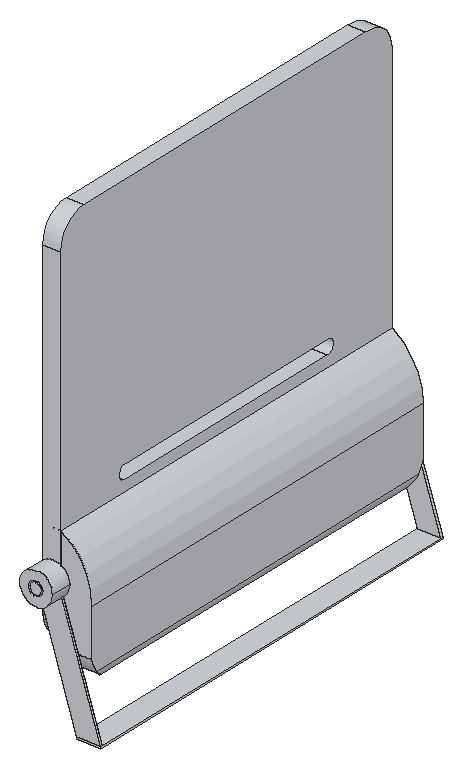
Revit family "2824082", category Generic Models, host Face, Revit 2018
Family settings
  Host = Face
  Can host rebar = No
  Round Connector Dimension = Use Diameter
  Part Type = Normal
  OmniClass Number = 23.80.70.00
  OmniClass Title = Lighting
  Cut with Voids When Loaded = No
  Shared = No
  Room Calculation Point = No
Parameters (values of type "Type Name")
  rotation axis = 142.4 mm
  bracket width = 588 mm
  URL = "http://www.sylvania-lighting.com"
  Type Image = <None>
  Type Comments = "n/a"
  Material_3_SYL = none
  Model = ""
  Manufacturer = "Feilo Sylvania"
  Keynote = ""
  Material_2_SYL = none
  Height = 157.859 mm
  Description = ""
  Default Elevation = 1219.2 mm
  Cost = 0
  Material_1_SYL = none
  Bracket Height = 195 mm
  Assembly Code = ""
  Material_4_SYL = none
Reference planes
  plane 1 "Center (Front/Back)": y = 0
  plane 2: z = 0
  plane 3 "Center (Left/Right)": x = 0
  plane 4: x = -16.5
  plane 5: x = 16.5
  plane 6: z = 155
  plane 7: x = -51.5
  plane 8: z = 137
  plane 9 "Rotation Axis": z = 142.4
  plane 10: z = 152.35
  plane 11: z = 195
  plane 12: x = -73.847
  plane 13: y = 294
  plane 14: y = -294
  plane 15: through (-72.693, -4572, 174.07) normal (-0.3105, 0, 0.9506)
  plane 16: through (-63.557, -4572, 193.954) normal (0.9506, 0, 0.3105)
  plane 17: y = 312
  plane 18: y = 288
  plane 19: y = -312
  plane 20: y = -286
  plane 21: z = 65
Forms (mm)
  Extrusion 1, solid, detail levels medium+fine
    sketch origin (0, 0, 0) x (1, 0, 0) y (0, 1, 0)
      loop
        line (-16.5, 294) -> (-16.5, -294) -> (16.5, -294) -> (16.5, 294) -> (-16.5, 294)
    from 0 to 2
  Extrusion 2, solid, detail levels medium+fine
    sketch origin (1524, -474.9, 1220.035) x (1, 0, 0) y (0, 0, 1)
      loop
        line (-1540.496, -1218.035) -> (-1507.966, -1218.035) -> (-1567.674, -1035.217)
        arc (-1567.674, -1035.217) -> (-1587.557, -1026.081) -> (-1596.693, -1045.965) r 15.473
        line (-1596.693, -1045.965) -> (-1540.496, -1218.035)
    from -180.9 to -182.9
  Extrusion 3, solid, detail levels medium+fine
    sketch origin (0, 0, 0.069) x (1, 0, 0) y (0, 0, 1)
      loop
        line (-16.39, 1.931) -> (16.139, 1.931) -> (-43.636, 184.958)
        arc (-43.636, 184.958) -> (-63.457, 193.922) -> (-72.656, 174.21) r 15.474
        line (-72.656, 174.21) -> (-16.39, 1.931)
    from -294 to -292
  Extrusion 4, solid, detail levels medium+fine
    sketch origin (-6.388, 0, 36.204) x (1, 0, 0) y (0, 0, 1)
      loop
        circle (-51.99, 142.374) r 22.5
    from -286.248 to -312
  Extrusion 5, solid, detail levels medium+fine
    sketch origin (-6.358, 0, 36.195) x (1, 0, 0) y (0, 0, 1)
      loop
        circle (-51.99, 142.374) r 22.5
    from 283.024 to 312
  Extrusion 6, void
    sketch origin (-6.561, 0, 36.284) x (1, 0, 0) y (0, 0, 1)
      loop
        circle (-51.99, 142.374) r 10
    from 294 to 312
  Extrusion 7, solid, detail levels fine
    sketch origin (-6.561, 0, 36.201) x (1, 0, 0) y (0, 0, 1)
      loop
        circle (-51.99, 142.374) r 7.5
    from 294 to 312
  Extrusion 8, void
    sketch origin (1517.357, -324.9, 1255.472) x (1, 0, 0) y (0, 0, 1)
      loop
        circle (-1575.99, -1076.826) r 10
    from -636.9 to -618.9
  Extrusion 9, solid, detail levels fine
    sketch origin (1517.42, -324.9, 1255.374) x (1, 0, 0) y (0, 0, 1)
      loop
        circle (-1575.99, -1076.826) r 7.5
    from -636.9 to -618.9
  Revolve 10, solid, not visible, detail levels coarse
    sketch origin (-58.257, 1655.459, 1254.912) x (0, 1, 0) y (0, 0, 1)
      loop
        line (-1369.21, -1054.349) -> (-1379.437, -1054.349) -> (-1379.437, -1074.349) -> (-1369.21, -1074.349) -> (-1369.21, -1054.349)
      axis (-1369.21, -1076.8) -> (-1379.437, -1076.8)
    angle from 0 to 180
Cuts and joins
  Extrusion 6 cuts Extrusion 5
  Extrusion 8 cuts Extrusion 4
Dimensions and locks
  "Bracket Height": plane 11 to level
  "bracket width": plane 14 to plane 13
  equal spacing: plane 14, plane 1 "Center (Front/Back)", plane 13
  aligned and locked: plane 2 to host face
  aligned and locked: level to host face
Automatic sketch dimensions
  host sketch curve to host sketch curve = 2438.4 mm  (x2)
  Extrusion 1 sketch curve to plane 4 = 0 mm
  Extrusion 1 sketch curve to plane 5 = 0 mm
  Extrusion 4 sketch curve to plane 9 "Rotation Axis" = 36.178 mm
  Extrusion 5 sketch curve to plane 9 "Rotation Axis" = 36.169 mm
  Extrusion 6 sketch curve to plane 9 "Rotation Axis" = 36.258 mm
  Extrusion 7 sketch curve to plane 9 "Rotation Axis" = 36.175 mm
  Extrusion 8 sketch curve to plane 9 "Rotation Axis" = 36.246 mm
  Extrusion 9 sketch curve to plane 9 "Rotation Axis" = 36.148 mm
  Revolve 10 sketch curve to plane 9 "Rotation Axis" = 35.712 mm
  Revolve 10 sketch curve to Revolve 10 sketch curve = 10.227 mm
  Revolve 10 sketch curve to plane 9 "Rotation Axis" = 38.163 mm
  plane 6 to Revolve 10 sketch curve = 45.563 mm
  Revolve 10 sketch curve to Revolve 10 sketch curve = 62.43 mm
  Revolve 10 sketch curve to Revolve 10 sketch curve = 22.367 mm
  plane 12 to Extrusion 2 sketch curve = 1.154 mm
  plane 7 to Extrusion 2 sketch curve = 6.684 mm
  Extrusion 2 sketch curve to plane 7 = 7.826 mm
  plane 4 to Extrusion 2 sketch curve = 0.004 mm
  level to Extrusion 2 sketch curve = 2 mm
  plane 6 to Extrusion 2 sketch curve = 19.07 mm
  Extrusion 2 sketch curve to Extrusion 2 sketch curve = 5.374 mm
  Extrusion 2 sketch curve to plane 5 = 0.466 mm
  plane 12 to Extrusion 3 sketch curve = 1.191 mm
  plane 7 to Extrusion 3 sketch curve = 6.582 mm
  Extrusion 3 sketch curve to plane 7 = 7.864 mm
  plane 4 to Extrusion 3 sketch curve = 0.11 mm
  Extrusion 3 sketch curve to plane 5 = 0.361 mm
  level to Extrusion 3 sketch curve = 2 mm
  Extrusion 3 sketch curve to Extrusion 3 sketch curve = 5.202 mm
  Extrusion 3 sketch curve to plane 11 = 9.973 mm
  plane 7 to Extrusion 6 sketch curve = 7.052 mm
  plane 7 to Extrusion 7 sketch curve = 7.051 mm
  plane 7 to Extrusion 9 sketch curve = 7.07 mm
  plane 7 to Extrusion 4 sketch curve = 6.879 mm
  plane 7 to Extrusion 5 sketch curve = 6.848 mm
  plane 7 to Extrusion 8 sketch curve = 7.133 mm
  Extrusion 1 sketch curve to plane 13 = 0 mm
  Extrusion 1 sketch curve to plane 14 = 0 mm
  Revolve 10 sketch curve to plane 18 = 11.979 mm
  radius of Extrusion 4 sketch curve = 22.5 mm
  radius of Extrusion 5 sketch curve = 22.5 mm
  radius of Extrusion 6 sketch curve = 10 mm
  radius of Extrusion 7 sketch curve = 7.5 mm
  radius of Extrusion 8 sketch curve = 10 mm
  radius of Extrusion 9 sketch curve = 7.5 mm
Nested families
  nested 1: "2824082" at (-58.257, -66.423, 317.5) x (0, 1, 0) z (1, 0, 0), type "2824082 RAIDEN IP66 50KLM 840 ASYM"
    with built-in parameter 1114216 (empty or 0)
Definition of nested family "2824082"
  Parameters (values of type "2824082 RAIDEN IP66 50KLM 840 ASYM")
    height = 60 mm
    Width = 319 mm
    Wattage Comments = "n/a"
    Wattage = 9.2903 W
    built-in parameter 1150110 = 1 (stored number, unit not read)
    URL = "0.95"
    Type Image = (empty or 0)
    Type Comments = "n/a"
    built-in parameter 1114217 = 1 (stored number, unit not read)
    Tilt Angle = -90.00°
    built-in parameter 1150109 = 1 (stored number, unit not read)
    built-in parameter 1150134 = 3
    built-in parameter 1150113 = 1 (stored number, unit not read)
    Photometric Web File = "2824082.IES"
    Material_3_SYL = none
    Model = "Raiden IP66 50KLM 840 Asymmetric Wide"
    Manufacturer = ""
    built-in parameter 1150105 = 109.82 (stored number, unit not read)
    Lumens = 1380 lm
    built-in parameter 1150115 = 1 (stored number, unit not read)
    built-in parameter 1150137 = (empty or 0)
    built-in parameter 1150139 = (empty or 0)
    Length = 511 mm
    built-in parameter 1150112 = 1 (stored number, unit not read)
    built-in parameter 1150114 = 1 (stored number, unit not read)
    Lamp = "n/a"
    Keynote = "n/a"
    Material_2_SYL = none
    built-in parameter 1150132 = (empty or 0)
    built-in parameter 1150102 = (empty or 0)
    built-in parameter 1150107 = 3200 (stored number, unit not read)
    built-in parameter 1150138 = (empty or 0)
    built-in parameter 1150106 = 1.0982 (stored number, unit not read)
    Emit from Circle Diameter = 609.6 mm
    Emit Shape Visible in Rendering = no
    built-in parameter 1150104 = 13.8 (stored number, unit not read)
    Dimming Lamp Color Temperature Shift = (empty or 0)
    Description = "Outdoor and indoor floodlight range with in house design, comes complete with 1m flying lead and adjustable bracket, aluminium housing, RAL 9022 - Pearl light grey, clear glass diffuser, IP66, IK08, Class I, 4000K, Non-dimming, 49500lm, 375W, 132lm/W, CRI80, Asymmetric Wide beam angle 110*50°, 100000 hrs L80B50 lifespan, 561x569x76mm (LxWxH) dimensions, 13.9kg weight."
    Default Elevation = 1219.2 mm
    Cost = 0
    Color Filter = 16777215
    built-in parameter 1114216 [instance] = (empty or 0)
    Material_1_SYL = none
    Body Length = 561 mm
    built-in parameter 1114218 = 1 (stored number, unit not read)
    built-in parameter 1150133 = 10 (stored number, unit not read)
    Assembly Code = "D5020200"
    Apparent Load = 375 VA
    Material_4_SYL = none
  Reference planes
    plane 1 "Center (Front/Back)": y = 2.5
    plane 2: z = 0.95
    plane 3 "Center (Left/Right)": x = 68.124
    plane 4: z = -14.05
    plane 5: z = 15.95
    plane 6: z = 0.95
    plane 7: z = 45.95
    plane 8: y = -253
    plane 9: y = -56
    plane 10: x = 253.624
    plane 11: x = -117.376
    plane 12: x = -123.376
    plane 13: y = -226
    plane 14: y = -76
    plane 15: y = -41.5
    plane 16: y = -213
    plane 17: x = 187.624
    plane 18: x = 259.624
    plane 19: x = 352.624
    plane 20: x = -216.376
    plane 21: x = -194.376
    plane 22: x = 330.624
    plane 23: y = 308
    plane 24: y = 286
    plane 25: x = 322.624
  Forms (mm)
    Extrusion 1, solid
      sketch origin (26.073, 0, 0.95) x (1, 0, 0) y (0, 1, 0)
        loop
          line (-1219.2, 1219.2) -> (-1219.2, -1219.2) -> (1219.2, -1219.2) -> (1219.2, 1219.2) -> (-1219.2, 1219.2)
      from 0 to -68.017
    Extrusion 2, solid, detail levels medium+fine
      sketch origin (83.124, -34.451, 0.95) x (1, 0, 0) y (0, 1, 0)
        loop
          line (-299.5, 302.451) -> (-299.5, -151.549)
          arc (-299.5, -151.549) -> (-287.784, -179.833) -> (-259.5, -191.549) r 40
          line (-259.5, -191.549) -> (229.5, -191.549)
          arc (229.5, -191.549) -> (257.784, -179.833) -> (269.5, -151.549) r 40
          line (269.5, -151.549) -> (269.5, 303.451)
          arc (269.5, 303.451) -> (256.273, 332.849) -> (225.5, 342.451) r 39.284
          line (225.5, 342.451) -> (-259.5, 342.451)
          arc (-259.5, 342.451) -> (-287.784, 330.735) -> (-299.5, 302.451) r 40
      from -15 to 9.702
    Extrusion 3, solid, detail levels medium+fine
      sketch origin (402.124, 1489.549, 1205.15) x (0, 1, 0) y (0, 0, 1)
        loop
          line (-1644.468, -1151.519) -> (-1728.014, -1151.519)
          arc (-1728.014, -1151.519) -> (-1739.904, -1157.404) -> (-1742.436, -1170.427) r 14.954
          line (-1742.436, -1170.427) -> (-1715.549, -1219.2) -> (-1565.549, -1219.2) -> (-1565.549, -1194.2)
          arc (-1565.549, -1194.2) -> (-1599.607, -1162.873) -> (-1644.468, -1151.519) r 94.303
      from -618.5 to -49.5
    Extrusion 4, void
      sketch origin (81.72, -11.578, 0.95) x (1, 0, 0) y (0, 1, 0)
        loop
          arc (-276.096, 29.078) -> (-271.703, 18.471) -> (-261.096, 14.078) r 15
          line (-261.096, 14.078) -> (233.904, 14.078)
          arc (233.904, 14.078) -> (244.51, 18.471) -> (248.904, 29.078) r 15
          line (248.904, 29.078) -> (248.904, 282.578)
          arc (248.904, 282.578) -> (244.51, 293.184) -> (233.904, 297.578) r 15
          line (233.904, 297.578) -> (-261.096, 297.578)
          arc (-261.096, 297.578) -> (-271.703, 293.184) -> (-276.096, 282.578) r 15
          line (-276.096, 282.578) -> (-276.096, 29.078)
      from -16.268 to -10.594
    Extrusion 5, solid, detail levels fine
      sketch origin (83.124, 0.218, 0.95) x (1, 0, 0) y (0, 1, 0)
        loop
          arc (-262.5, 285.782) -> (-273.107, 281.388) -> (-277.5, 270.782) r 15
          line (-277.5, 270.782) -> (-277.5, 17.282)
          arc (-277.5, 17.282) -> (-273.107, 6.675) -> (-262.5, 2.282) r 15
          line (-262.5, 2.282) -> (232.5, 2.282)
          arc (232.5, 2.282) -> (243.107, 6.675) -> (247.5, 17.282) r 15
          line (247.5, 17.282) -> (247.5, 270.782)
          arc (247.5, 270.782) -> (243.107, 281.388) -> (232.5, 285.782) r 15
          line (232.5, 285.782) -> (-262.5, 285.782)
      from -12.231 to -10.594
    Extrusion 6, void
      sketch origin (58.977, -53.062, 0.95) x (1, 0, 0) y (0, 1, 0)
        loop
          arc (184.512, -8.423) -> (194.512, 1.577) -> (184.512, 11.577) r 10
          line (184.512, 11.577) -> (-166.339, 11.577)
          arc (-166.339, 11.577) -> (-176.339, 1.577) -> (-166.339, -8.423) r 10
          line (-166.339, -8.423) -> (184.512, -8.423)
      from -18.734 to 12.525
    Extrusion 7, void
      sketch origin (68.124, -34.451, 0) x (0, 1, 0) y (0, 0, 1)
        loop
          line (-253.049, 15.95) -> (-253.049, -34.125) -> (-191.549, -30.902) -> (-191.549, 15.95) -> (-253.049, 15.95)
      from 191.5 to 306.113
    Extrusion 8, void
      sketch origin (68.124, -34.451, 0) x (0, 1, 0) y (0, 0, 1)
        loop
          line (-191.549, 15.95) -> (-275.432, 15.95) -> (-275.432, -28.004) -> (-191.549, -28.004) -> (-191.549, 15.95)
      from -308.216 to -191.5
    Extrusion 9, void
      sketch origin (-101.376, -126, 0.95) x (1, 0, 0) y (0, 1, 0)
        loop
          line (-115, -60) -> (-115, -100) -> (-75, -100)
          arc (-75, -100) -> (-103.284, -88.284) -> (-115, -60) r 40
      from -22.043 to 15
    Extrusion 10, void
      sketch origin (216.954, 19.065, 0.95) x (1, 0, 0) y (0, 1, 0)
        loop
          line (95.67, -245.065) -> (135.67, -245.065) -> (135.67, -205.065)
          arc (135.67, -205.065) -> (123.954, -233.349) -> (95.67, -245.065) r 40
      from -24.354 to 15
    Extrusion 11, solid, detail levels medium+fine
      sketch origin (1742.042, -359.351, 1205.129) x (1, 0, 0) y (0, 0, 1)
        loop
          circle (-1419.5, -1204.2) r 11
      from -140.977 to -106.464
    Extrusion 12, void
      sketch origin (-125, 0, 0.95) x (1, 0, 0) y (0, 1, 0)
        loop
          line (-91.376, -186) -> (-91.376, -226) -> (-51.376, -226)
          arc (-51.376, -226) -> (-79.66, -214.284) -> (-91.376, -186) r 40
      from -15 to 15
    Extrusion 13, void
      sketch origin (-125.5, 7.123, 0.95) x (1, 0, 0) y (0, 1, 0)
        loop
          line (-91.376, -221) -> (-91.376, -261) -> (-51.376, -261)
          arc (-51.376, -261) -> (-79.66, -249.284) -> (-91.376, -221) r 40
      from 0 to 100
    Extrusion 14, void
      sketch origin (125, 3.379, 0.95) x (1, 0, 0) y (0, 1, 0)
        loop
          arc (227.624, -217.683) -> (215.905, -245.976) -> (187.612, -257.696) r 40.012
          line (187.612, -257.696) -> (227.624, -257.696) -> (227.624, -217.683)
      from 12.525 to 100
    Extrusion 15, solid, detail levels coarse
      sketch origin (0, 0, 0.95) x (1, 0, 0) y (0, 1, 0)
        loop
          line (-216.376, 308) -> (-216.376, -252.887) -> (352.624, -252.887) -> (352.624, 308) -> (-216.376, 308)
      from -15 to 52.681
  Cuts and joins
    Extrusion 4, Extrusion 6, Extrusion 7, Extrusion 8, Extrusion 9, Extrusion 10, Extrusion 12 cuts Extrusion 2
    Extrusion 6, Extrusion 7, Extrusion 8, Extrusion 9, Extrusion 10, Extrusion 12, Extrusion 13, Extrusion 14 cuts Extrusion 3
    Extrusion 14 cuts Extrusion 11
  Dimensions and locks
    "height": plane 4 to plane 7
    plane 1 "Center (Front/Back)" to plane 8 = 255.5 mm
    Extrusion 15 to Extrusion 2 = 534 mm
    plane 1 "Center (Front/Back)" to Extrusion 5 = 283.5 mm
    "Body Length": plane 23 to plane 8
    aligned and locked: plane 2 to Extrusion 1
    aligned and locked: level to Extrusion 1
  Automatic sketch dimensions
    Extrusion 1 sketch curve to Extrusion 1 sketch curve = 2438.4 mm  (x2)
    Extrusion 4 sketch curve to plane 3 "Center (Left/Right)" = 262.5 mm
    Extrusion 4 sketch curve to Extrusion 4 sketch curve = 15 mm  (x3)
    plane 1 "Center (Front/Back)" to Extrusion 4 sketch curve = 0 mm
    Extrusion 4 sketch curve to Extrusion 4 sketch curve = 253.5 mm
    Extrusion 5 sketch curve to plane 3 "Center (Left/Right)" = 262.5 mm
    Extrusion 5 sketch curve to Extrusion 5 sketch curve = 15 mm  (x2)
    plane 1 "Center (Front/Back)" to Extrusion 5 sketch curve = 0 mm
    Extrusion 5 sketch curve to Extrusion 5 sketch curve = 253.5 mm
    Extrusion 7 sketch curve to plane 5 = 0 mm
    Extrusion 7 sketch curve to plane 4 = 16.852 mm
    Extrusion 7 sketch curve to plane 4 = 20.075 mm
    Extrusion 8 sketch curve to plane 5 = 0 mm
    Extrusion 8 sketch curve to plane 4 = 13.954 mm
    Extrusion 8 sketch curve to Extrusion 8 sketch curve = 83.883 mm
    Extrusion 9 sketch curve to plane 3 "Center (Left/Right)" = 284.5 mm
    Extrusion 9 sketch curve to Extrusion 9 sketch curve = 40 mm
    Extrusion 11 sketch curve to level = 0.021 mm
    Extrusion 10 sketch curve to Extrusion 10 sketch curve = 40 mm
    plane 13 to Extrusion 12 sketch curve = 0 mm
    Extrusion 13 sketch curve to plane 16 = 0.877 mm
    Extrusion 13 sketch curve to plane 8 = 0.877 mm
    plane 17 to Extrusion 14 sketch curve = 124.988 mm
    Extrusion 14 sketch curve to plane 16 = 1.305 mm
    Extrusion 14 sketch curve to plane 8 = 1.317 mm
    Extrusion 7 sketch curve to plane 13 = 0 mm
    Extrusion 7 sketch curve to plane 8 = 34.5 mm
    Extrusion 8 sketch curve to plane 13 = 0 mm
    Extrusion 9 sketch curve to plane 13 = 0 mm
    Extrusion 10 sketch curve to plane 13 = 0 mm
    plane 9 to Extrusion 6 sketch curve = 14.516 mm
    plane 14 to Extrusion 6 sketch curve = 14.516 mm
    plane 11 to Extrusion 6 sketch curve = 10.014 mm
    Extrusion 6 sketch curve to plane 10 = 10.135 mm
    Extrusion 3 sketch curve to plane 4 = 0 mm
    Extrusion 3 sketch curve to plane 13 = 0 mm
    Extrusion 3 sketch curve to plane 14 = 0 mm
    plane 8 to Extrusion 3 sketch curve = 14.535 mm
    plane 8 to Extrusion 3 sketch curve = 0.113 mm
    Extrusion 3 sketch curve to plane 4 = 26.622 mm
    Extrusion 3 sketch curve to plane 7 = 11.227 mm
    Extrusion 3 sketch curve to plane 7 = 7.273 mm
    Extrusion 3 sketch curve to plane 5 = 5 mm
    plane 8 to Extrusion 15 sketch curve = 0.113 mm
    Extrusion 15 sketch curve to plane 20 = 0 mm
    plane 17 to Extrusion 4 sketch curve = 128 mm  (x2)
    plane 17 to Extrusion 5 sketch curve = 128 mm  (x2)
    Extrusion 10 sketch curve to plane 19 = 0 mm
    plane 17 to Extrusion 11 sketch curve = 134.918 mm
    Extrusion 15 sketch curve to plane 19 = 0 mm
    Extrusion 15 sketch curve to plane 23 = 0 mm
    Extrusion 12 sketch curve to plane 20 = 0 mm
    plane 21 to Extrusion 12 sketch curve = 18 mm
    Extrusion 5 sketch curve to plane 22 = 0 mm
    Extrusion 2 sketch curve to plane 20 = 0 mm
    Extrusion 2 sketch curve to plane 13 = 0 mm
    Extrusion 2 sketch curve to plane 23 = 0 mm
    Extrusion 2 sketch curve to plane 19 = 0 mm
    plane 21 to Extrusion 2 sketch curve = 18 mm  (x2)
    Extrusion 2 sketch curve to plane 22 = 18 mm
    Extrusion 2 sketch curve to plane 24 = 17 mm
    Extrusion 2 sketch curve to Extrusion 2 sketch curve = 39.284 mm
    Extrusion 13 sketch curve to plane 20 = 0.5 mm
    radius of Extrusion 11 sketch curve = 11 mm
  Connectors
    electrical at (322.542, -252.887, 0.929)
      settings: on Extrusion 11, index 1, voltage 0 V, apparent load 0 VA, apparent load phase1 0 VA, apparent load phase2 0 VA, apparent load phase3 0 VA, power factor 1, load classification none, number of poles 1, system type 31, power factor state 1, is connector primary yes, connector utility no, sub classification motor no, connector description ""
